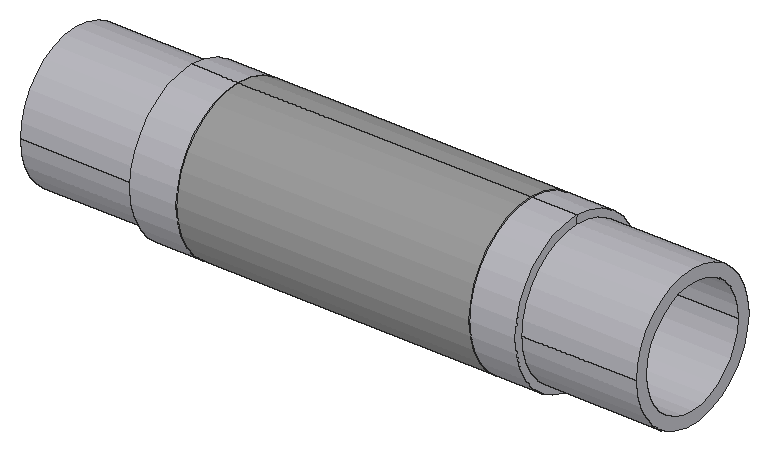
Revit family "30T Flex Connector", category Pipe Accessories, Revit 2018
Family settings
  Round Connector Dimension = Use Diameter
  Part Type = Valve - Breaks Into
  Work Plane-Based = No
  Always vertical = Yes
  Cut with Voids When Loaded = No
  Shared = No
Parameters (values of type "30T Flex Connector")
  void1 [instance] = 0.02054"
  pipe radius [instance] = Pipe Diameter / 2  # 1.1875"
  Weight [instance] = size_lookup(LookupTable, "Weight", "NA", Nominal Diameter)  # "2.13 lbs."
  URL = "http://www.fnw.com"
  Standards Lookup Table = "Standards"  # constant formula
  R2 [instance] = size_lookup(LookupTable, "R2", 0.000", Nominal Diameter)  # 1.3125"
  R1 [instance] = size_lookup(LookupTable, "R1", 0.000", Nominal Diameter)  # 0.985"
  Product ID [instance] = size_lookup(LookupTable, "ProductID", "NA", Nominal Diameter)  # "2168687"
  Pipe Diameter [instance] = size_lookup(Standards Lookup Table, "pipe_dia", 0.000", Nominal Diameter)  # 2.375"
  Part Number [instance] = size_lookup(LookupTable, "PartNumber", "NA", Nominal Diameter)  # "FNW30TK"
  Nominal Diameter [instance] = 2"
  LookupTable = "30T Flex Connector"  # constant formula
  L3 [instance] = size_lookup(LookupTable, "L3", 0.000", Nominal Diameter)  # 1.970"
  L2 [instance] = size_lookup(LookupTable, "L2", 0.000", Nominal Diameter)  # 4.990"
  L1 [instance] = size_lookup(LookupTable, "L1", 0.000", Nominal Diameter)  # 10.500"
  Description BOM [instance] = size_lookup(LookupTable, "Description_BOM", "NA", Nominal Diameter)  # "2 X 10-1/2 Stainless Steel IPS Flexible Connector"
Reference planes (in)
  plane 1 "Center (Front/Back)": y = 0
  plane 2: z = 0
  plane 3 "Center (Left/Right)": x = 0
  plane 4: z = 1.1875
  plane 5: x = -5.25
  plane 6: x = 5.25
  plane 7: z = 0.985
  plane 8: x = -3.28
  plane 9: x = 3.28
  plane 10: x = -2.495
  plane 11: x = 2.495
  plane 12: z = 1.3125
Forms (in)
  Extrusion 1, solid, material "Steel, Stainless"
    sketch origin (0, 0, 0) x (0, 1, 0) y (0, 0, 1)
      loop
        circle (0, 0) r 1.1875
      loop
        circle (0, 0) r 0.985
    from -5.25 to -3.28
  Extrusion 2, solid, material "Steel, Stainless"
    sketch origin (0, 0, 0) x (0, 1, 0) y (0, 0, -1)
      loop
        circle (0, 0) r 1.1875
      loop
        circle (0, 0) r 0.985
    from -5.25 to -3.28
  Revolve 3, solid, material "Braid"
    sketch origin (0, 0, 0) x (1, 0, 0) y (0, 0, 1)
      loop
        line (-2.495, 1.3125) -> (-2.495, 0) -> (2.495, 0) -> (2.495, 1.3125) -> (-2.495, 1.3125)
      axis (-2.495, 0) -> (2.495, 0)
    angle from 0 to 360
  Revolve 4, solid, material "Steel, Stainless"
    sketch origin (0, 0, 0) x (1, 0, 0) y (0, 0, 1)
      loop
        line (-3.28, 1.3125) -> (-3.28, 0) -> (-2.495, 0) -> (-2.495, 1.3125) -> (-3.28, 1.3125)
      loop
        line (2.495, 1.3125) -> (2.495, 0) -> (3.28, 0) -> (3.28, 1.3125) -> (2.495, 1.3125)
      axis (-3.28, 0) -> (3.28, 0)
    angle from 0 to 360
Text (in)
  text "1/2\" shown" at (6.42733, 0, -3.28939), in view "Front"
Dimensions and locks (in)
  equal spacing: plane 6, plane 3 "Center (Left/Right)", plane 5
  "L1": plane 6 to plane 5
  "pipe radius": plane 4 to plane 2
  "R1": plane 7 to plane 2
  "L3": plane 8 to plane 5
  "L3": plane 6 to plane 9
  equal spacing: plane 11, plane 3 "Center (Left/Right)", plane 10
  "L2": plane 10 to plane 11
  "R2": plane 12 to plane 2
  "pipe radius": radius of Extrusion 1 sketch curve
  "R1": radius of Extrusion 1 sketch curve
  "pipe radius": radius of Extrusion 2 sketch curve
  "R1": radius of Extrusion 2 sketch curve
  aligned and locked: plane 2 to level
  aligned and locked: Extrusion 1 to plane 5
  aligned and locked: plane 8 to Extrusion 1
  aligned and locked: plane 6 to Extrusion 2
  aligned and locked: Extrusion 2 to plane 9
  aligned and locked: Revolve 3 sketch curve to plane 12
  aligned and locked: plane 10 to Revolve 3 sketch curve
  aligned and locked: plane 2 to Revolve 3 sketch curve
  aligned and locked: plane 11 to Revolve 3 sketch curve
  aligned and locked: Revolve 4 sketch curve to plane 12  (x2)
  aligned and locked: Extrusion 1 to Revolve 4 sketch curve
  aligned and locked: Revolve 4 sketch curve to plane 10
  aligned and locked: Revolve 4 sketch curve to plane 11
  aligned and locked: Revolve 4 sketch curve to Extrusion 2
  aligned and locked: plane 2 to Revolve 4 sketch curve  (x2)
Automatic sketch dimensions
  Revolve 3 sketch curve to level = 0.000"
  Revolve 3 sketch curve to Revolve 3 sketch curve = 1.61154"
  plane 3 "Center (Left/Right)" to Revolve 3 sketch curve = 1.11097"
  Revolve 4 sketch curve to level = 0.000"
  Revolve 4 sketch curve to Revolve 4 sketch curve = 1.250"
  plane 3 "Center (Left/Right)" to Revolve 4 sketch curve = 0.99943"
  Extrusion 1 sketch curve to Extrusion 1 sketch curve = 0.000"  (x2)
  Extrusion 1 sketch curve to level = 0.000"
  Extrusion 1 sketch curve to plane 1 "Center (Front/Back)" = 0.000"
  Extrusion 2 sketch curve to Extrusion 2 sketch curve = 0.000"  (x2)
  Extrusion 2 sketch curve to level = 0.000"
  Extrusion 2 sketch curve to plane 1 "Center (Front/Back)" = 0.000"
Connectors (in)
  piping at (-5.25, 0, 0), diameter 2, driven by "Nominal Diameter"
    settings: on Extrusion 1, index 1, connector inside diameter 24", connector length 0.000", flow factor 0, pipe flow 0 GPM, pressure drop 0.00 psi, fitting loss kfactor 0, connector angle 0.00°, fixture units 0, engagement length 0.000", angle of deflection 0.00°, flow configuration 0, flow direction 0, fitting loss method 0, system type 29, joint type 0, gender type 0, connector reference index -1, connector utility 0, adjustable connector no, is connector primary yes, connector description ""
  piping at (5.25, 0, 0), diameter 2, driven by "Nominal Diameter"
    settings: on Extrusion 2, index 2, connector inside diameter 24", connector length 0.000", flow factor 0, pipe flow 0 GPM, pressure drop 0.00 psi, fitting loss kfactor 0, connector angle 0.00°, fixture units 0, engagement length 0.000", angle of deflection 0.00°, flow configuration 0, flow direction 0, fitting loss method 0, system type 29, joint type 0, gender type 0, connector reference index -1, connector utility 0, adjustable connector no, is connector primary no, connector description ""
